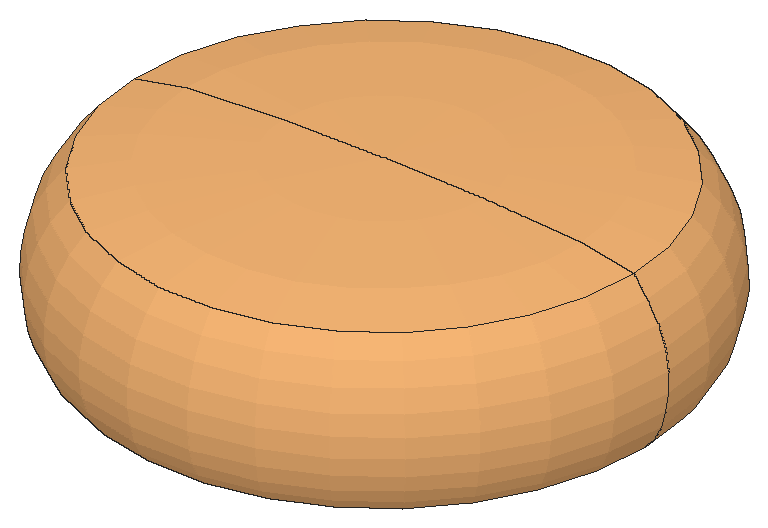
Revit family "Pix - 3002", category Arredi, Revit 2014
Parameters
  URL = "http://www.arper.com"
  Produttore = "ARPER s.p.a."  # constant formula
  Modello = "Pix 137"  # constant formula
  Descrizione = "Three seater ottoman. Upholstery available in fabric, leather, faux\r\nleather or customer's material. Fitted with glides. Diameter 137 cm."
  Copyright [instance] = "ARPER s.p.a."  # constant formula
  Arper - Glides material [instance] = Arper - generic glides
  Arper - Cover material [instance] = Arper - generic texture
  Arper - Article code [instance] = "art.3002"  # constant formula
Reference planes
  plane 1 "Centro (Fronte/Retro)": y = 0
  plane 2: z = 0
  plane 3 "Centro (Sinistra/Destra)": x = 0
Forms (mm)
  Revolve 1, solid, material "Arper - generic texture" <- "Arper - Cover material"
    sketch origin (0, 0, 0) x (1, 0, 0) y (0, 0, 1)
      loop
        line (0, 439) -> (0, 18.867) -> (580.651, 18.867)
        spline (580.651, 18.867) -> (604.194, 21.714) -> (626.034, 33.701) -> (645.486, 53.66) -> (661.866, 80.421) -> (674.486, 112.814) -> (682.662, 149.669) -> (685.708, 189.817) -> (682.938, 232.087) -> (673.668, 275.31) -> (657.21, 318.317) -> (632.88, 359.937) -> (599.992, 399)
        spline (599.992, 399) -> (584.459, 405.502) -> (557.462, 411.507) -> (520.56, 416.992) -> (475.311, 421.931) -> (423.276, 426.303) -> (366.015, 430.083) -> (305.085, 433.247) -> (242.047, 435.771) -> (178.46, 437.632) -> (115.884, 438.807) -> (55.877, 439.271) -> (0, 439)
      axis (0, 439) -> (0, 18.867)
    angle from 0 to 360
  Extrusion 2, solid, material "Arper - generic glides" <- "Arper - Glides material"
    sketch origin (222.638, -228.89, 0) x (1, 0, 0) y (0, 1, 0)
      loop
        circle (302.362, 228.89) r 29
    from 0 to 25
  Extrusion 3, solid, material "Arper - generic glides" <- "Arper - Glides material"
    sketch origin (-302.362, -228.89, 0) x (1, 0, 0) y (0, 1, 0)
      loop
        circle (302.362, 228.89) r 29
    from 0 to 25
  Extrusion 4, solid, material "Arper - generic glides" <- "Arper - Glides material"
    sketch origin (-222.638, -228.89, 0) x (-1, 0, 0) y (0, -1, 0)
      loop
        circle (302.362, -228.89) r 29
    from 0 to 25
  Extrusion 5, solid, material "Arper - generic glides" <- "Arper - Glides material"
    sketch origin (-228.89, -222.638, 0) x (0, -1, 0) y (1, 0, 0)
      loop
        circle (302.362, 228.89) r 29
    from 0 to 25
  Extrusion 6, solid, material "Arper - generic glides" <- "Arper - Glides material"
    sketch origin (-228.89, 222.638, 0) x (0, 1, 0) y (-1, 0, 0)
      loop
        circle (302.362, -228.89) r 29
    from 0 to 25
Dimensions and locks
  aligned and locked: level to plane 2
